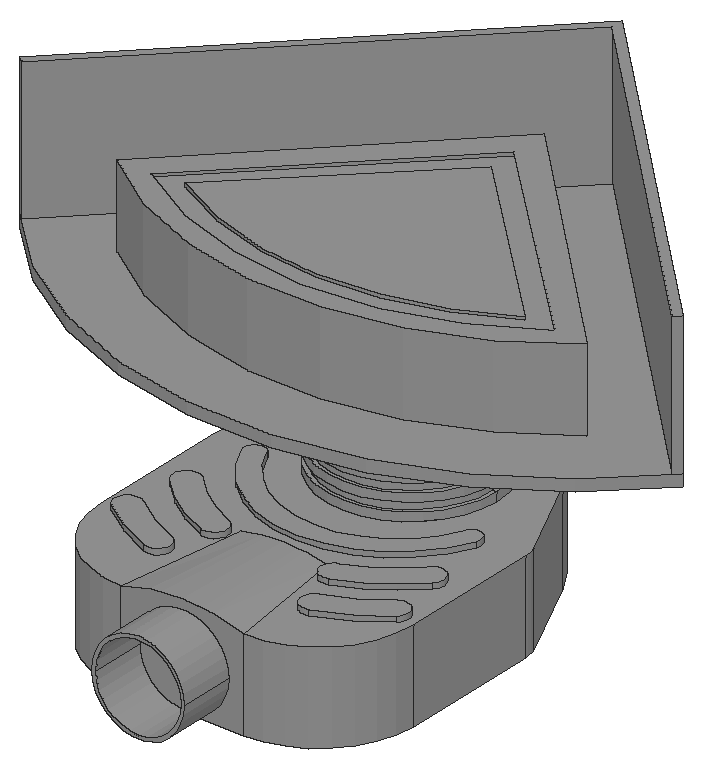
Revit family "LINEA INFLOOR EDGE 24", category Plumbing Fixtures, Revit 2019
Family settings
  Round Connector Dimension = Use Diameter
  Part Type = Normal
  OmniClass Number = 23.45.00.00
  OmniClass Title = Sanitary, Laundry, and Cleaning Equipment
  Work Plane-Based = No
  Always vertical = Yes
  Cut with Voids When Loaded = No
  Shared = No
  Room Calculation Point = No
Reference planes
  plane 1 "Center (Front/Back)": y = 0
  plane 2: z = 0
  plane 3 "Center (Left/Right)": x = 0
Forms (mm)
  Revolve 1, solid
    sketch origin (0, 59.948, 26) x (1, 0, 0) y (0, 0, 1)
      loop
        line (192.5, 0) -> (192.5, -106) -> (242.5, -106) -> (242.5, -103) -> (240.26, -103) -> (240.26, -98) -> (242.5, -98) -> (242.5, -93) -> (240.26, -93) -> (240.26, -88) -> (242.5, -88) -> (242.5, -83) -> (240.26, -83) -> (240.26, -78) -> (242.5, -78) -> (242.5, -73) -> (240.26, -73) -> (240.26, -68) -> (242.5, -68) -> (242.5, -63) -> (240.26, -63) -> (240.26, -58) -> (242.5, -58) -> (242.5, -53) -> (240.26, -53) -> (240.26, -48) -> (242.5, -48) -> (242.5, -43) -> (240.26, -43) -> (240.26, -38) -> (242.5, -38) -> (242.5, -33) -> (240.26, -33) -> (240.26, -28) -> (242.5, -28) -> (242.5, 0) -> (192.5, 0)
      axis (192.5, -106) -> (192.5, 0)
    angle from 0 to 360
  Extrusion 2, solid
    sketch origin (0, 0, 0) x (1, 0, 0) y (0, 1, 0)
      loop
        line (101.5, 29.896) -> (101.5, -52.052)
        arc (101.5, -52.052) -> (117.609, -90.943) -> (156.5, -107.052) r 55
        line (156.5, -107.052) -> (228.5, -107.052)
        arc (228.5, -107.052) -> (267.391, -90.943) -> (283.5, -52.052) r 55
        line (283.5, -52.052) -> (283.5, 29.896)
        arc (283.5, 29.896) -> (283.085, 33.627) -> (281.862, 37.176) r 17
        line (281.862, 37.176) -> (256.659, 90.355)
        arc (256.659, 90.355) -> (192.5, 130.948) -> (128.341, 90.355) r 71
        line (128.341, 90.355) -> (103.138, 37.176)
        arc (103.138, 37.176) -> (101.915, 33.627) -> (101.5, 29.896) r 17
    from -106 to -53
  Extrusion 3, solid
    sketch origin (0, 0, 7.5) x (1, 0, 0) y (0, 0, 1)
      loop
        circle (192.5, -87) r 25
      loop
        circle (192.5, -87) r 27
    from 87.052 to 139.052
  Blend 4, solid
    base sketch origin (0, 0, 0) x (1, 0, 0) y (0, 0, 1)
      loop
        line (156.5, -53) -> (228.5, -53)
        arc (228.5, -53) -> (192.5, -47) -> (156.5, -53) r 111
    top sketch origin (0, 0, 0) x (1, 0, 0) y (0, 0, 1)
      loop
        line (167.222, -53) -> (217.778, -53)
        arc (217.778, -53) -> (192.5, -50) -> (167.222, -53) r 108
    from 107.052 to 33.19
  Extrusion 5, solid
    sketch origin (0, 0, 0) x (1, 0, 0) y (0, 1, 0)
      loop
        arc (135.068, 26.59) -> (127.25, 29.888) -> (123.952, 22.07) r 6
        arc (123.952, 22.07) -> (192.5, -24.052) -> (261.048, 22.07) r 74
        arc (261.048, 22.07) -> (257.75, 29.888) -> (249.932, 26.59) r 6
        arc (249.932, 26.59) -> (192.5, -12.052) -> (135.068, 26.59) r 62
      loop
        arc (126.84, -10.134) -> (115.996, -9.345) -> (115.733, -20.215) r 7.509
        arc (115.733, -20.215) -> (133.807, -35.907) -> (154.989, -47.052) r 104
        arc (154.989, -47.052) -> (164.69, -42.762) -> (160.399, -33.062) r 7.5
        arc (160.399, -33.062) -> (142.294, -23.539) -> (126.84, -10.134) r 89
      loop
        arc (119.682, -44.172) -> (108.999, -44.172) -> (108.999, -54.855) r 7.554
        arc (108.999, -54.855) -> (125.817, -66.282) -> (144.169, -75.033) r 134
        arc (144.169, -75.033) -> (153.869, -70.743) -> (149.579, -61.042) r 7.5
        arc (149.579, -61.042) -> (134.019, -53.691) -> (119.682, -44.172) r 119
      loop
        arc (258.16, -10.134) -> (242.706, -23.539) -> (224.601, -33.062) r 89
        arc (224.601, -33.062) -> (220.31, -42.762) -> (230.011, -47.052) r 7.5
        arc (230.011, -47.052) -> (251.193, -35.907) -> (269.267, -20.215) r 104
        arc (269.267, -20.215) -> (269.004, -9.345) -> (258.16, -10.134) r 7.509
      loop
        arc (265.318, -44.172) -> (250.981, -53.691) -> (235.421, -61.042) r 119
        arc (235.421, -61.042) -> (231.131, -70.743) -> (240.831, -75.033) r 7.5
        arc (240.831, -75.033) -> (259.183, -66.282) -> (276.001, -54.855) r 134
        arc (276.001, -54.855) -> (276.001, -44.172) -> (265.318, -44.172) r 7.554
    from -53 to -49.925
  Extrusion 6, solid
    sketch origin (0, 0, 0) x (1, 0, 0) y (0, 1, 0)
      loop
        arc (56.62, 14.948) -> (193.62, -35.052) -> (330.62, 14.948) r 212.69
        line (330.62, 14.948) -> (193.62, 154.948) -> (56.62, 14.948)
    from 33.095 to 81
  Extrusion 7, solid
    sketch origin (0, 0, 0) x (1, 0, 0) y (0, 1, 0)
      loop
        line (193.62, 212.139) -> (0.448, 14.737)
        arc (0.448, 14.737) -> (193.62, -75.052) -> (386.792, 14.737) r 252.69
        line (386.792, 14.737) -> (193.62, 212.139)
    from 26 to 33.095
  Extrusion 8, solid
    sketch origin (0, 0, 0) x (1, 0, 0) y (0, 1, 0)
      loop
        line (0.448, 14.737) -> (3.983, 11.201) -> (193.62, 204.99) -> (383.218, 11.24) -> (386.754, 14.775) -> (193.62, 212.139) -> (0.448, 14.737)
    from 33.095 to 115.405
  Extrusion 9, void
    sketch origin (0, 0, 0) x (1, 0, 0) y (0, 1, 0)
      loop
        line (193.62, 133.501) -> (76.989, 14.317)
        arc (76.989, 14.317) -> (194.535, -23.05) -> (311.734, 15.387) r 200.69
        line (311.734, 15.387) -> (193.62, 133.501)
      loop
        line (193.62, 116.344) -> (94.41, 17.134)
        arc (94.41, 17.134) -> (193.62, -11.052) -> (292.829, 17.134) r 188.69
        line (292.829, 17.134) -> (193.62, 116.344)
    from 79.339 to 81
Cuts and joins
  joined: Extrusion 2, Extrusion 3, Blend 4
  Extrusion 9 cuts Revolve 1
  Extrusion 9 cuts Extrusion 6
  Extrusion 9 cuts Extrusion 7
Dimensions and locks
  aligned and locked: level to plane 2
Connectors
  piping at (192.5, -139.052, -79.5), diameter 50
    settings: on cut or joined group of Extrusion 2, Extrusion 3, Blend 4, index 1, connector inside diameter 609.6 mm, connector length 0 mm, flow factor 0, pipe flow 0.0 L/s, pressure drop 0.0 Pa, fitting loss kfactor 0, connector angle 0.00°, fixture units 0, engagement length 0 mm, angle of deflection 0.00°, flow configuration 0, flow direction 0, fitting loss method 0, system type 7, joint type 0, gender type 0, connector reference index -1, connector utility 0, adjustable connector no, is connector primary yes, connector description ""
